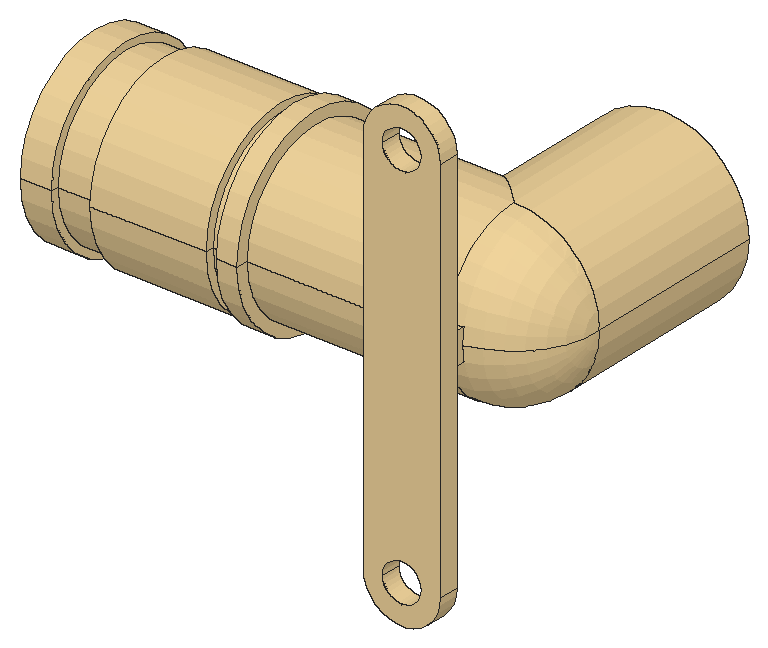
Revit family "ABC-PEX_Фитинг_Водорозетка с внутренней резьбой", category Соединительные детали трубопроводов, Revit 2019
Family settings
  Размер круглого соединителя = Использовать диаметр
  Тип детали = Отвод
  На основе рабочей плоскости = Нет
  Всегда вертикально = Нет
  При загрузке вырезать с полостями = Нет
  Общий = Да
Parameters
  Таблица выбора = "ABC-PEX_Фитинг_Водорозетка с внутренней резьбой"  # constant formula
  Материал_Корпус = Латунь
  z1 [instance] = size_lookup(Таблица выбора, "z", 30 mm, DN1, DN2)  # 30 mm
  c [instance] = size_lookup(Таблица выбора, "c", 30 mm, DN1, DN2)  # 45 mm
  b [instance] = size_lookup(Таблица выбора, "b", 30 mm, DN1, DN2)  # 24 mm
  a [instance] = size_lookup(Таблица выбора, "a", 30 mm, DN1, DN2)  # 42 mm
  S [instance] = 40 mm
  DN2 [instance] = 15 mm
  DN1 [instance] = 16 mm
  ADSK_Примечание = ""
  ADSK_Наименование [instance] = size_lookup(Таблица выбора, "ADSK_Наименование", "Нет в каталоге", DN1, DN2)  # "Водорозетка с внутренней резьбой DN16x1/2\""
  ADSK_Масса [instance] = 0
  ADSK_Марка [instance] = size_lookup(Таблица выбора, "ADSK_Марка", "Нет в каталоге", DN1, DN2)  # "ABC-F-81612"
  ADSK_Завод-изготовитель = "Agpipe"  # constant formula
Reference planes
  plane 1 "По центру (Вперед/Назад)": y = 0
  plane 2: z = 0
  plane 3 "По центру (Влево/Вправо)": x = 0
  plane 4: x = -42
  plane 5: y = 24
  plane 6: x = -30
  plane 7: y = 12
Lines and regions (mm)
  reference lines
    curve 1: line (-30, 0, 0) -> (0, 0, 0)
    curve 2: line (0, 0, 0) -> (0, 24, 0)
  symbolic lines, detail levels coarse+medium
    curve 3: line (-42, 0, 0) -> (0, 0, 0)
    curve 4: line (0, 0, 0) -> (0, 24, 0)
Dimensions and locks
  "a": plane 4 to plane 3 "По центру (Влево/Вправо)"
  "b": plane 1 "По центру (Вперед/Назад)" to plane 5
  plane 4 to plane 3 "По центру (Влево/Вправо)" = 42 mm
  "z1": plane 6 to plane 3 "По центру (Влево/Вправо)"
  equal spacing: plane 1 "По центру (Вперед/Назад)", plane 7, plane 5
  aligned and locked: level to plane 2
  aligned and locked: plane 6 to curve 1
  aligned and locked: plane 6 to nested 1
  aligned and locked: plane 5 to curve 2
  aligned and locked: nested 2 to plane 1 "По центру (Вперед/Назад)"
  aligned and locked: nested 2 to plane 3 "По центру (Влево/Вправо)"
  aligned and locked: plane 5 to curve 4
  aligned and locked: plane 3 "По центру (Влево/Вправо)" to curve 4
  aligned and locked: plane 4 to curve 3
Automatic sketch dimensions
  plane 1 "По центру (Вперед/Назад)" to curve 2 = 0 mm
  curve 2 to plane 3 "По центру (Влево/Вправо)" = 0 mm
  plane 1 "По центру (Вперед/Назад)" to curve 3 = 0 mm
Nested families
  nested 1: "ABC-PEX_Фитинг_Надвижная гильза" at (-42, 0, 0) x (-1, 0, 0) z (0, 0, 1), DN <- "DN1", type "ABC-PEX_Фитинг_Надвижная гильза", detail levels fine
    with b 24 mm, a 24 mm, DN 16 mm, ADSK_Наименование "Надвижная гильза DN16", ADSK_Масса 0.008, ADSK_Марка "ABC-F-116"
  nested 2: "Колено" at (0, 0, 0) x (0, -1, 0) z (0, 0, 1), DN1 <- "DN1", DN2 <- "DN2", type "Колено", detail levels fine
    with с 45 mm, z1 30 mm, b 24 mm, a 42 mm, S 22 mm, DN2 15 mm, DN1 16 mm, ADSK_Наименование "Водорозетка с внутренней резьбой DN16x1/2\"", ADSK_Масса 0, ADSK_Марка "ABC-F-81612"
Connectors
  piping at (-30, 0, 0), diameter 16, driven by "DN1"
    settings: on curve 1, index 1, connector inside diameter 609.6 mm, connector length 0 mm, flow factor 0, pipe flow 0.0 L/s, pressure drop 0.0 Pa, fitting loss kfactor 0, connector angle 0.00°, fixture units 0, engagement length 0 mm, angle of deflection 0.00°, flow configuration 0, flow direction 0, fitting loss method 0, system type 28, joint type 0, gender type 0, connector reference index 2, connector utility 0, adjustable connector no, is connector primary yes, connector description ""
  piping at (0, 24, 0), diameter 15, driven by "DN2"
    settings: on curve 2, index 2, connector inside diameter 609.6 mm, connector length 0 mm, flow factor 0, pipe flow 0.0 L/s, pressure drop 0.0 Pa, fitting loss kfactor 0, connector angle 0.00°, fixture units 0, engagement length 0 mm, angle of deflection 0.00°, flow configuration 0, flow direction 0, fitting loss method 0, system type 28, joint type 0, gender type 0, connector reference index 1, connector utility 0, adjustable connector no, is connector primary no, connector description ""
Definition of nested family "ABC-PEX_Фитинг_Надвижная гильза"
  Parameters (values of type "ABC-PEX_Фитинг_Надвижная гильза")
    Таблица выбора = "ABC-PEX_Фитинг_Надвижная гильза"  # constant formula
    Маткриал_Корпус = none
    b [instance] = size_lookup(Таблица выбора, "b", 30 mm, DN)  # 24 mm
    a [instance] = size_lookup(Таблица выбора, "a", 30 mm, DN)  # 24 mm
    DN [instance] = 16 mm
    ADSK_Примечание = ""
    ADSK_Наименование [instance] = size_lookup(Таблица выбора, "ADSK_Наименование", "Нет в каталоге", DN)  # "Надвижная гильза DN16"
    ADSK_Масса [instance] = size_lookup(Таблица выбора, "ADSK_Масса", 0, DN)  # 0.008
    ADSK_Марка [instance] = size_lookup(Таблица выбора, "ADSK_Марка", "Нет в каталоге", DN)  # "ABC-F-116"
    ADSK_Завод-изготовитель = "Agpipe"  # constant formula
  Reference planes
    plane 1 "По центру (Вперед/Назад)": y = 0
    plane 2: z = 0
    plane 3 "По центру (Влево/Вправо)": x = 0
    plane 4: y = 12
    plane 5: y = -12
    plane 6: x = -12
    plane 7: x = 12
    plane 8: y = 8
    plane 9: y = -8
  Forms (mm)
    Revolve 1, solid, material <- "Маткриал_Корпус"
      sketch origin (0, 0, 0) x (1, 0, 0) y (0, 1, 0)
        loop
          line (-12, 12) -> (-12, 10) -> (12, 10) -> (12, 12) -> (8, 12) -> (8, 11) -> (3, 11) -> (3, 12) -> (-12, 12)
        axis (-12, 0) -> (12, 0)
      angle from 0 to 360
  Lines and regions (mm)
    reference lines
      curve 1: line (-12, 0, 0) -> (12, 0, 0)
  Dimensions and locks
    equal spacing: plane 4, plane 1 "По центру (Вперед/Назад)", plane 5
    "b": plane 4 to plane 5
    equal spacing: plane 6, plane 3 "По центру (Влево/Вправо)", plane 7
    "a": plane 6 to plane 7
    plane 4 to Revolve 1 sketch curve = 2 mm
    equal spacing: plane 9, plane 1 "По центру (Вперед/Назад)", plane 8
    "DN": plane 9 to plane 8
    Revolve 1 sketch curve to Revolve 1 sketch curve to plane 7 = 5 mm locked, 4 mm locked
    Revolve 1 sketch curve to Revolve 1 sketch curve to plane 4 = 1 mm locked, 1 mm locked
    aligned and locked: level to plane 2
    aligned and locked: plane 1 "По центру (Вперед/Назад)" to Revolve 1 sketch curve
    aligned and locked: plane 4 to Revolve 1 sketch curve
    aligned and locked: Revolve 1 sketch curve to plane 4
    aligned and locked: plane 6 to Revolve 1 sketch curve
    aligned and locked: plane 7 to Revolve 1 sketch curve
    aligned and locked: plane 7 to curve 1
    aligned and locked: plane 6 to curve 1
  Automatic sketch dimensions
    plane 1 "По центру (Вперед/Назад)" to curve 1 = 0 mm
    plane 6 to Revolve 1 sketch curve = 5 mm
    Revolve 1 sketch curve to plane 7 = 4 mm
  Connectors
    piping at (-12, 0, 0), diameter 16, driven by "DN"
      settings: on curve 1, index 1, connector inside diameter 609.6 mm, connector length 0 mm, flow factor 0, pipe flow 0.0 L/s, pressure drop 0.0 Pa, fitting loss kfactor 0, connector angle 0.00°, fixture units 0, engagement length 0 mm, angle of deflection 0.00°, flow configuration 0, flow direction 0, fitting loss method 0, system type 28, joint type 0, gender type 0, connector reference index 2, connector utility 0, adjustable connector no, is connector primary yes, connector description ""
    piping at (12, 0, 0), diameter 16, driven by "DN"
      settings: on curve 1, index 2, connector inside diameter 609.6 mm, connector length 0 mm, flow factor 0, pipe flow 0.0 L/s, pressure drop 0.0 Pa, fitting loss kfactor 0, connector angle 0.00°, fixture units 0, engagement length 0 mm, angle of deflection 0.00°, flow configuration 0, flow direction 0, fitting loss method 0, system type 28, joint type 0, gender type 0, connector reference index 1, connector utility 0, adjustable connector no, is connector primary no, connector description ""
Definition of nested family "Колено"
  Parameters (values of type "Колено")
    с [instance] = size_lookup(Таблица выбора, "c", 30 mm, DN1, DN2)  # 45 mm
    Таблица выбора = "ABC-PEX_Фитинг_Водорозетка с внутренней резьбой"  # constant formula
    Материал_Корпус = none
    z1 [instance] = size_lookup(Таблица выбора, "z", 30 mm, DN1, DN2)  # 30 mm
    b [instance] = size_lookup(Таблица выбора, "b", 30 mm, DN1, DN2)  # 24 mm
    a [instance] = size_lookup(Таблица выбора, "a", 30 mm, DN1, DN2)  # 42 mm
    S [instance] = DN2 + 7 mm  # 22 mm
    DN2 [instance] = 15 mm
    DN1 [instance] = 16 mm
    ADSK_Примечание = ""
    ADSK_Наименование [instance] = size_lookup(Таблица выбора, "ADSK_Наименование", "Нет в каталоге", DN1, DN2)  # "Водорозетка с внутренней резьбой DN16x1/2\""
    ADSK_Масса [instance] = 0
    ADSK_Марка [instance] = size_lookup(Таблица выбора, "ADSK_Марка", "Нет в каталоге", DN1, DN2)  # "ABC-F-81612"
    ADSK_Завод-изготовитель = "Agpipe"  # constant formula
  Reference planes
    plane 1 "По центру (Вперед/Назад)": y = 0
    plane 2: z = 0
    plane 3 "По центру (Влево/Вправо)": x = 0
    plane 4: x = -24
    plane 5: y = 30
    plane 6: y = 45
    plane 7: x = -8
    plane 8: x = 8
    plane 9: y = 7.5
    plane 10: y = -7.5
    plane 11: y = 8
    plane 12: y = -8
    plane 13: x = -8
    plane 14: x = 8
    plane 15: x = -11
    plane 16: y = 7.5
    plane 17: y = -7.5
    plane 18: x = 18
  Forms (mm)
    Revolve 1, solid, material <- "Материал_Корпус"
      sketch origin (0, 0, 0) x (1, 0, 0) y (0, 1, 0)
        loop
          line (3, 45) -> (3, 30) -> (0, 30) -> (0, -11)
          arc (0, -11) -> (7.778, -7.778) -> (11, 0) r 11
          line (11, 0) -> (11, 25.644) -> (12.531, 25.644) -> (12.531, 28.302) -> (11, 28.302) -> (11, 30) -> (8, 30) -> (8, 45) -> (3, 45)
        axis (0, 45) -> (0, -11)
      angle from 0 to 360
    Revolve 2, solid, material <- "Материал_Корпус"
      sketch origin (0, 0, 0) x (1, 0, 0) y (0, 1, 0)
        loop
          line (-24, 11) -> (-24, 0) -> (0, 0) -> (0, 11) -> (-24, 11)
        axis (-24, 0) -> (0, 0)
      angle from 0 to 360
    Revolve 3, void
      sketch origin (0, 0, 0) x (1, 0, 0) y (0, 1, 0)
        loop
          line (-24, 6.461) -> (-24, 0) -> (-11, 0) -> (-11, 6.461) -> (-24, 6.461)
        axis (-24, 0) -> (-11, 0)
      angle from 0 to 360
    Extrusion 4, solid, material <- "Материал_Корпус"
      sketch origin (0, 0, 0) x (0, 1, 0) y (0, 0, 1)
        loop
          line (-5, 25) -> (-5, -25)
          arc (-5, -25) -> (0, -30) -> (5, -25) r 5
          line (5, -25) -> (5, 25)
          arc (5, 25) -> (0, 30) -> (-5, 25) r 5
        loop
          circle (0, -25) r 2.5
        loop
          circle (0, 25) r 2.5
      from 15.464 to 18
    Extrusion 5, solid, material <- "Материал_Корпус"
      sketch origin (0, 0, 0) x (1, 0, 0) y (0, 0, 1)
        loop
          line (8, 2) -> (8, -2) -> (15.464, -2) -> (15.464, 2) -> (8, 2)
      from -2 to 2
  Cuts and joins
    Revolve 3 cuts Revolve 2
    joined: Revolve 1, Revolve 2, Extrusion 5
  Dimensions and locks
    "b": plane 4 to plane 3 "По центру (Влево/Вправо)"
    "z1": plane 1 "По центру (Вперед/Назад)" to plane 5
    "с": plane 1 "По центру (Вперед/Назад)" to plane 6
    equal spacing: plane 7, plane 3 "По центру (Влево/Вправо)", plane 8
    "DN1": plane 7 to plane 8
    equal spacing: plane 9, plane 1 "По центру (Вперед/Назад)", plane 10
    "DN2": plane 9 to plane 10
    locked: plane 8 to Revolve 1 sketch curve at 3
    equal spacing: plane 11, plane 1 "По центру (Вперед/Назад)", plane 12
    "DN1": plane 11 to plane 12
    locked: Revolve 1 sketch curve to plane 8 at 5
    equal spacing: plane 13, plane 3 "По центру (Влево/Вправо)", plane 14
    "DN1": plane 13 to plane 14
    locked: plane 15 to plane 13 at 3
    equal spacing: plane 16, plane 1 "По центру (Вперед/Назад)", plane 17
    "DN2": plane 16 to plane 17
    "a": plane 4 to plane 18
    locked: plane 16 to Revolve 3 sketch curve at 1.039
    equal spacing: Extrusion 4 sketch curve, plane 1 "По центру (Вперед/Назад)", Extrusion 4 sketch curve
    Extrusion 5 sketch curve to level to Extrusion 5 sketch curve = 2 mm locked, 2 mm locked
    locked: plane 1 "По центру (Вперед/Назад)" to Extrusion 5 at 2
    locked: Extrusion 5 to plane 1 "По центру (Вперед/Назад)" at 2
    locked: Revolve 2 sketch curve to plane 11 at 3
    aligned and locked: level to plane 2
    aligned and locked: Revolve 1 sketch curve to Revolve 1 sketch curve
    aligned and locked: Revolve 1 sketch curve to plane 8
    aligned and locked: Revolve 1 sketch curve to plane 3 "По центру (Влево/Вправо)"
    aligned and locked: Revolve 2 sketch curve to plane 3 "По центру (Влево/Вправо)"
    aligned and locked: plane 4 to Revolve 2 sketch curve
    aligned and locked: plane 4 to Revolve 3 sketch curve
    aligned and locked: Revolve 3 sketch curve to plane 1 "По центру (Вперед/Назад)"
    aligned and locked: Revolve 3 sketch curve to Revolve 3 sketch curve
    aligned and locked: Revolve 2 sketch curve to plane 1 "По центру (Вперед/Назад)"
    aligned and locked: plane 18 to Extrusion 4
    aligned and locked: Extrusion 4 to Extrusion 5 sketch curve
    aligned and locked: Extrusion 5 sketch curve to plane 14
    aligned and locked: plane 3 "По центру (Влево/Вправо)" to Revolve 1 sketch curve
  Automatic sketch dimensions
    Extrusion 4 sketch curve to Extrusion 4 sketch curve = 0 mm  (x4)
    Extrusion 4 sketch curve to level = 25 mm
    level to Extrusion 4 sketch curve = 25 mm
    plane 1 "По центру (Вперед/Назад)" to Extrusion 4 sketch curve = 5 mm
    Revolve 1 sketch curve to plane 3 "По центру (Влево/Вправо)" = 0 mm
    plane 1 "По центру (Вперед/Назад)" to Revolve 1 sketch curve = 0 mm
    plane 5 to Revolve 1 sketch curve = 0 mm  (x2)
    plane 6 to Revolve 1 sketch curve = 0 mm
    Revolve 1 sketch curve to Revolve 1 sketch curve = 1.531 mm
    Revolve 1 sketch curve to Revolve 1 sketch curve = 4.356 mm
    Revolve 1 sketch curve to Revolve 1 sketch curve = 1.698 mm
    plane 9 to Revolve 1 sketch curve = 6.5 mm
    Revolve 1 sketch curve to Revolve 1 sketch curve = 4 mm
    plane 1 "По центру (Вперед/Назад)" to Revolve 2 sketch curve = 0 mm
    Revolve 2 sketch curve to plane 4 = 0 mm
    Revolve 2 sketch curve to plane 14 = 0 mm
    Revolve 2 sketch curve to plane 4 = 15 mm
    Revolve 3 sketch curve to plane 15 = 0 mm
    Revolve 3 sketch curve to Revolve 3 sketch curve = 6.428 mm
    Revolve 3 sketch curve to Revolve 3 sketch curve = 1.63 mm
    radius of Extrusion 4 sketch curve = 2.5 mm  (x2)
